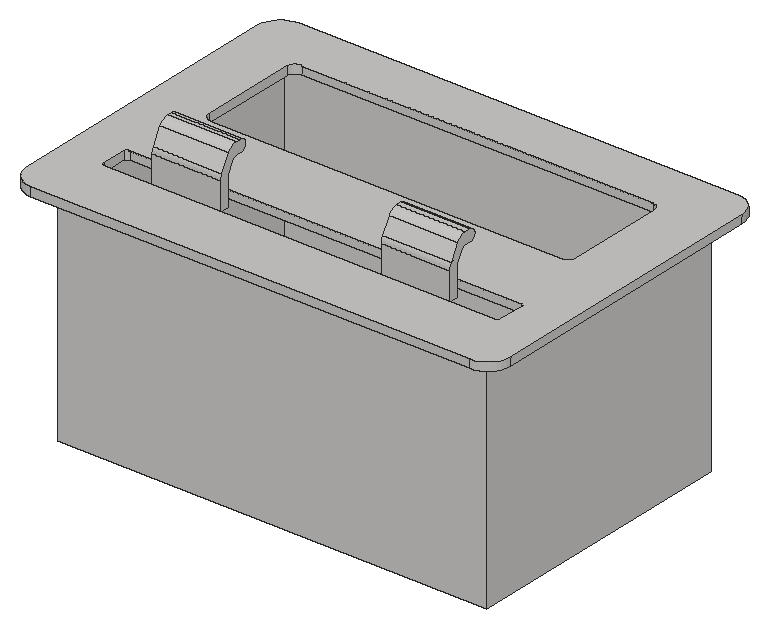
Revit family "QF_Vollrath_FMS-7", category Specialty Equipment, Revit 2016
Family settings
  Part Type = Normal
  Round Connector Dimension = Use Diameter
  OmniClass Number = 23.40.40.14.24
  OmniClass Title = Food Dispensing Equipment
  Work Plane-Based = Yes
  Always vertical = No
  Cut with Voids When Loaded = Yes
  Shared = No
  Room Calculation Point = No
Parameters
  Width = 10.56"
  Weight in Pounds = 0
  Watermarked By = ""
  URL Cutsheet = ""
  URL = "www.vollrath.com"
  Specification by User [instance] = ""
  Specification by Manufacturer [instance] = ""
  Serial Number [instance] = ""
  Revision Code [instance] = ""
  NAFEM Spec ID Number [instance] = ""
  Model = "FMS-7"
  Material = QF_Stainless-Polished
  Masterspec [instance] = ""
  Manufacturer = "Vollrath"
  Item Number [instance] = "-"
  Installed By [instance] = ""
  Height = 7.50"
  Furnished By [instance] = ""
  Foodservice Equipment Identifier = yes
  Description = "Straw Dispenser"
  Depth = 7.31"
  Default Elevation = 48.00"
  CSI MasterFormat = ""
Reference planes (in)
  plane 1 "BACK": y = 0
  plane 2 "BOTTOM": z = 0
  plane 3 "LEFT": x = -16.56573
  plane 4 "RIGHT": x = -6.00573
  plane 5 "CENTER L/R": x = -11.28573
  plane 6 "FRONT": y = -7.31
  plane 7: y = -3.655
  plane 8 "Inner Left": x = -15.78573
  plane 9 "Inner Right": x = -6.78573
  plane 10 "TOP": z = 0.18
  plane 11 "Bottom of Holders": z = -5
  plane 12: z = -3
  plane 13: y = -0.78
  plane 14: y = -6.53
  plane 15: x = -14.70573
  plane 16: x = -13.20573
  plane 17: x = -9.70573
  plane 18: x = -8.20573
Forms (in)
  Extrusion 1, void
    sketch origin (0, 0, -5) x (0, 1, 0) y (-1, 0, 0)
      loop
        arc (0, 16.06573) -> (-0.14645, 16.41928) -> (-0.5, 16.56573) r 0.5
        line (-0.5, 16.56573) -> (-6.81, 16.56573)
        arc (-6.81, 16.56573) -> (-7.16355, 16.41928) -> (-7.31, 16.06573) r 0.5
        line (-7.31, 16.06573) -> (-7.31, 6.50573)
        arc (-7.31, 6.50573) -> (-7.16355, 6.15217) -> (-6.81, 6.00573) r 0.5
        line (-6.81, 6.00573) -> (-0.5, 6.00573)
        arc (-0.5, 6.00573) -> (-0.14645, 6.15217) -> (0, 6.50573) r 0.5
        line (0, 6.50573) -> (0, 16.06573)
    from 0 to 5.18
  Extrusion 2, solid, material "QF_Stainless-Polished" <- "Material"
    sketch origin (0, 0, 0) x (1, 0, 0) y (0, 1, 0)
      loop
        arc (-16.06573, 0) -> (-16.41928, -0.14645) -> (-16.56573, -0.5) r 0.5
        line (-16.56573, -0.5) -> (-16.56573, -6.81)
        arc (-16.56573, -6.81) -> (-16.41928, -7.16355) -> (-16.06573, -7.31) r 0.5
        line (-16.06573, -7.31) -> (-6.50573, -7.31)
        arc (-6.50573, -7.31) -> (-6.15217, -7.16355) -> (-6.00573, -6.81) r 0.5
        line (-6.00573, -6.81) -> (-6.00573, -0.5)
        arc (-6.00573, -0.5) -> (-6.15217, -0.14645) -> (-6.50573, 0) r 0.5
        line (-6.50573, 0) -> (-16.06573, 0)
      loop
        arc (-15.10573, -1.12) -> (-15.24008, -1.17565) -> (-15.29573, -1.31) r 0.19
        line (-15.29573, -1.31) -> (-15.29573, -3.43)
        arc (-15.29573, -3.43) -> (-15.24008, -3.56435) -> (-15.10573, -3.62) r 0.19
        line (-15.10573, -3.62) -> (-7.46573, -3.62)
        arc (-7.46573, -3.62) -> (-7.33138, -3.56435) -> (-7.27573, -3.43) r 0.19
        line (-7.27573, -3.43) -> (-7.27573, -1.31)
        arc (-7.27573, -1.31) -> (-7.33138, -1.17565) -> (-7.46573, -1.12) r 0.19
        line (-7.46573, -1.12) -> (-15.10573, -1.12)
      loop
        arc (-7.01573, -5.96) -> (-6.96623, -5.9395) -> (-6.94573, -5.89) r 0.07
        line (-6.94573, -5.89) -> (-6.94573, -5.34)
        arc (-6.94573, -5.34) -> (-6.96623, -5.2905) -> (-7.01573, -5.27) r 0.07
        line (-7.01573, -5.27) -> (-15.55573, -5.27)
        arc (-15.55573, -5.27) -> (-15.60522, -5.2905) -> (-15.62573, -5.34) r 0.07
        line (-15.62573, -5.34) -> (-15.62573, -5.89)
        arc (-15.62573, -5.89) -> (-15.60522, -5.9395) -> (-15.55573, -5.96) r 0.07
        line (-15.55573, -5.96) -> (-7.01573, -5.96)
    from 0 to 0.18
  Extrusion 3, solid, material "QF_Stainless-Polished" <- "Material"
    sketch origin (0, 0, -5) x (0, 1, 0) y (-1, 0, 0)
      loop
        line (-0.78, 15.78573) -> (-6.53, 15.78573) -> (-6.53, 6.78573) -> (-0.78, 6.78573) -> (-0.78, 15.78573)
      loop
        line (-6.71, 15.96573) -> (-6.71, 6.60573) -> (-0.6, 6.60573) -> (-0.6, 15.96573) -> (-6.71, 15.96573)
    from 0 to 5
  Extrusion 4, solid, material "QF_Stainless-Polished" <- "Material"
    sketch origin (0, 0, -5) x (0, 1, 0) y (-1, 0, 0)
      loop
        line (-0.78, 15.78573) -> (-6.53, 15.78573) -> (-6.53, 6.78573) -> (-0.78, 6.78573) -> (-0.78, 15.78573)
    from 0 to 0.18
  Extrusion 5, solid, material "QF_Stainless-Polished" <- "Material"
    sketch origin (-15.78573, 0, 0) x (0, 1, 0) y (0, 0, 1)
      loop
        line (-5.71, 0) -> (-5.53, 0) -> (-5.53, 0.61301)
        arc (-5.53, 0.61301) -> (-5.52761, 0.63113) -> (-5.52062, 0.64801) r 0.07
        line (-5.52062, 0.64801) -> (-5.37802, 0.895)
        arc (-5.37802, 0.895) -> (-5.3524, 0.92062) -> (-5.3174, 0.93) r 0.07
        line (-5.3174, 0.93) -> (-5.17132, 0.93)
        arc (-5.17132, 0.93) -> (-5.04632, 1.055) -> (-5.17132, 1.18) r 0.125
        line (-5.17132, 1.18) -> (-5.27699, 1.18)
        arc (-5.27699, 1.18) -> (-5.40199, 1.14651) -> (-5.49349, 1.055) r 0.25
        line (-5.49349, 1.055) -> (-5.67651, 0.73801)
        arc (-5.67651, 0.73801) -> (-5.70148, 0.67772) -> (-5.71, 0.61301) r 0.25
        line (-5.71, 0.61301) -> (-5.71, 0)
    from 1.08 to 2.58
  Extrusion 6, solid, material "QF_Stainless-Polished" <- "Material"
    sketch origin (-10.78573, 0, 0) x (0, 1, 0) y (0, 0, 1)
      loop
        line (-5.71, 0) -> (-5.53, 0) -> (-5.53, 0.61301)
        arc (-5.53, 0.61301) -> (-5.52761, 0.63113) -> (-5.52062, 0.64801) r 0.07
        line (-5.52062, 0.64801) -> (-5.37802, 0.895)
        arc (-5.37802, 0.895) -> (-5.3524, 0.92062) -> (-5.3174, 0.93) r 0.07
        line (-5.3174, 0.93) -> (-5.17132, 0.93)
        arc (-5.17132, 0.93) -> (-5.04632, 1.055) -> (-5.17132, 1.18) r 0.125
        line (-5.17132, 1.18) -> (-5.27699, 1.18)
        arc (-5.27699, 1.18) -> (-5.40199, 1.14651) -> (-5.49349, 1.055) r 0.25
        line (-5.49349, 1.055) -> (-5.67651, 0.73801)
        arc (-5.67651, 0.73801) -> (-5.70148, 0.67772) -> (-5.71, 0.61301) r 0.25
        line (-5.71, 0.61301) -> (-5.71, 0)
    from 1.08 to 2.58
Cuts and joins
  joined: Extrusion 3, Extrusion 4
Lines and regions (in)
  symbolic lines
    curve 1: line (-16.06573, 0, 0) -> (-6.50573, 0, 0)
    curve 2: line (-16.56573, -6.81, 0) -> (-16.56573, -0.5, 0)
    curve 3: line (-6.50573, -7.31, 0) -> (-16.06573, -7.31, 0)
    curve 4: line (-6.00573, -0.5, 0) -> (-6.00573, -6.81, 0)
    curve 5: arc (-6.50573, -7.31, 0) -> (-6.15217, -7.16355, 0) -> (-6.00573, -6.81, 0) r 0.5
    curve 6: arc (-6.00573, -0.5, 0) -> (-6.15217, -0.14645, 0) -> (-6.50573, 0, 0) r 0.5
    curve 7: arc (-16.06573, 0, 0) -> (-16.41928, -0.14645, 0) -> (-16.56573, -0.5, 0) r 0.5
    curve 8: arc (-16.56573, -6.81, 0) -> (-16.41928, -7.16355, 0) -> (-16.06573, -7.31, 0) r 0.5
    curve 9: arc (-15.29573, -1.31, -5) -> (-15.24008, -1.17565, -5) -> (-15.10573, -1.12, -5) r 0.19
    curve 10: line (-15.10573, -1.12, -5) -> (-7.46573, -1.12, -5)
    curve 11: line (-15.29573, -3.43, -5) -> (-15.29573, -1.31, -5)
    curve 12: arc (-15.10573, -3.62, -5) -> (-15.24008, -3.56435, -5) -> (-15.29573, -3.43, -5) r 0.19
    curve 13: line (-7.46573, -3.62, -5) -> (-15.10573, -3.62, -5)
    curve 14: arc (-7.27573, -3.43, -5) -> (-7.33138, -3.56435, -5) -> (-7.46573, -3.62, -5) r 0.19
    curve 15: line (-7.27573, -1.31, -5) -> (-7.27573, -3.43, -5)
    curve 16: arc (-7.46573, -1.12, -5) -> (-7.33138, -1.17565, -5) -> (-7.27573, -1.31, -5) r 0.19
    curve 17: line (-6.94573, -5.34, -5) -> (-6.94573, -5.89, -5)
    curve 18: line (-15.55573, -5.27, -5) -> (-7.01573, -5.27, -5)
    curve 19: arc (-7.01573, -5.27, -5) -> (-6.96623, -5.2905, -5) -> (-6.94573, -5.34, -5) r 0.07
    curve 20: arc (-6.94573, -5.89, -5) -> (-6.96623, -5.9395, -5) -> (-7.01573, -5.96, -5) r 0.07
    curve 21: line (-7.01573, -5.96, -5) -> (-15.55573, -5.96, -5)
    curve 22: arc (-15.55573, -5.96, -5) -> (-15.60522, -5.9395, -5) -> (-15.62573, -5.89, -5) r 0.07
    curve 23: line (-15.62573, -5.89, -5) -> (-15.62573, -5.34, -5)
    curve 24: arc (-15.62573, -5.34, -5) -> (-15.60522, -5.2905, -5) -> (-15.55573, -5.27, -5) r 0.07
Dimensions and locks (in)
  "Width": plane 3 "LEFT" to plane 4 "RIGHT"
  equal spacing: plane 3 "LEFT", plane 5 "CENTER L/R", plane 4 "RIGHT"
  "Depth": plane 1 "BACK" to plane 6 "FRONT"
  locked: plane 3 "LEFT" to plane 8 "Inner Left" at 0.78
  locked: plane 9 "Inner Right" to plane 4 "RIGHT" at 0.78
  locked: plane 10 "TOP" to level at 0.18
  level to plane 11 "Bottom of Holders" = 5.00"
  equal spacing: plane 1 "BACK", plane 7, plane 6 "FRONT"
  level to plane 12 = 3.00"
  locked: plane 13 to plane 1 "BACK" at 0.78
  locked: plane 14 to plane 6 "FRONT" at 0.78
  plane 8 "Inner Left" to plane 15 = 1.08"
  plane 17 to plane 18 = 1.50"
  aligned and locked: level to plane 2 "BOTTOM"
  aligned and locked: Extrusion 1 sketch curve to plane 4 "RIGHT"
  aligned and locked: plane 1 "BACK" to Extrusion 2 sketch curve
  aligned and locked: plane 3 "LEFT" to Extrusion 2 sketch curve
  aligned and locked: plane 6 "FRONT" to Extrusion 2 sketch curve
  aligned and locked: Extrusion 2 sketch curve to plane 4 "RIGHT"
  aligned and locked: plane 10 "TOP" to Extrusion 2
  aligned and locked: curve 4 to plane 4 "RIGHT"
  aligned and locked: plane 10 "TOP" to Extrusion 1
  aligned and locked: plane 13 to Extrusion 3 sketch curve
  aligned and locked: plane 8 "Inner Left" to Extrusion 3 sketch curve
  aligned and locked: plane 14 to Extrusion 3 sketch curve
  aligned and locked: level to Extrusion 3
  aligned and locked: Extrusion 4 sketch curve to Extrusion 3  (x2)
  aligned and locked: plane 14 to Extrusion 4 sketch curve
  aligned and locked: Extrusion 4 sketch curve to plane 9 "Inner Right"
Automatic sketch dimensions
  curve 8 to plane 3 "LEFT" = 0.00"
  curve 3 to plane 6 "FRONT" = 0.00"
  plane 1 "BACK" to curve 1 = 0.00"
  curve 3 to plane 8 "Inner Left" = 0.28"
  curve 1 to plane 8 "Inner Left" = 0.28"
  plane 9 "Inner Right" to curve 6 = 0.28"
  plane 9 "Inner Right" to curve 3 = 0.28"
  Extrusion 1 sketch curve to plane 6 "FRONT" = 0.00"
  Extrusion 1 sketch curve to plane 3 "LEFT" = 0.00"
  plane 1 "BACK" to Extrusion 1 sketch curve = 0.00"
  Extrusion 1 sketch curve to plane 14 = 0.28"  (x2)
  Extrusion 1 sketch curve to plane 8 "Inner Left" = 0.28"
  plane 9 "Inner Right" to Extrusion 1 sketch curve = 0.28"
  Extrusion 2 sketch curve to plane 8 "Inner Left" = 0.28"  (x2)
  plane 8 "Inner Left" to Extrusion 2 sketch curve = 0.16"
  Extrusion 2 sketch curve to Extrusion 2 sketch curve = 0.07"  (x3)
  plane 7 to Extrusion 2 sketch curve = 0.225"
  plane 8 "Inner Left" to Extrusion 2 sketch curve = 0.49"
  Extrusion 2 sketch curve to Extrusion 2 sketch curve = 0.19"  (x3)
  Extrusion 2 sketch curve to plane 9 "Inner Right" = 0.68"  (x2)
  Extrusion 2 sketch curve to plane 9 "Inner Right" = 0.23"  (x2)
  plane 9 "Inner Right" to Extrusion 2 sketch curve = 0.28"  (x2)
  plane 14 to Extrusion 2 sketch curve = 0.57"
  Extrusion 2 sketch curve to Extrusion 2 sketch curve = 0.55"
  plane 13 to Extrusion 2 sketch curve = 0.53"
  Extrusion 3 sketch curve to plane 9 "Inner Right" = 0.00"
  Extrusion 3 sketch curve to plane 14 = 0.18"
  Extrusion 3 sketch curve to plane 13 = 0.18"
  plane 9 "Inner Right" to Extrusion 3 sketch curve = 0.18"
  Extrusion 3 sketch curve to plane 8 "Inner Left" = 0.18"
  plane 14 to curve 21 = 0.57"
  curve 20 to curve 20 = 0.07"
  curve 22 to curve 22 = 0.07"
  plane 8 "Inner Left" to curve 23 = 0.16"
  curve 22 to curve 23 = 0.55"
  curve 17 to plane 9 "Inner Right" = 0.16"
  curve 20 to curve 17 = 0.55"
  curve 24 to curve 18 = 0.07"
  plane 7 to curve 13 = 0.035"
  curve 12 to curve 12 = 0.19"
  curve 14 to curve 14 = 0.19"
  plane 13 to curve 16 = 0.53"
  plane 13 to curve 11 = 0.53"
  curve 9 to curve 10 = 0.19"
  curve 15 to plane 9 "Inner Right" = 0.49"
  curve 12 to plane 15 = 0.40"
  Extrusion 5 sketch curve to Extrusion 5 sketch curve = 0.00"  (x3)
  Extrusion 5 sketch curve to level = 0.00"
  plane 14 to Extrusion 5 sketch curve = 0.82"
  plane 10 "TOP" to Extrusion 5 sketch curve = 0.55801"
  Extrusion 5 sketch curve to Extrusion 5 sketch curve = 0.03349"
  Extrusion 5 sketch curve to Extrusion 5 sketch curve = 0.18"
  plane 10 "TOP" to Extrusion 5 sketch curve = 0.46801"
  Extrusion 5 sketch curve to Extrusion 5 sketch curve = 0.18301"
  Extrusion 5 sketch curve to Extrusion 5 sketch curve = 0.07"
  Extrusion 5 sketch curve to Extrusion 5 sketch curve = 0.11547"
  Extrusion 5 sketch curve to Extrusion 5 sketch curve = 0.06062"
  Extrusion 5 sketch curve to Extrusion 5 sketch curve = 0.21651"
  Extrusion 5 sketch curve to Extrusion 5 sketch curve = 0.10566"
  Extrusion 5 sketch curve to Extrusion 5 sketch curve = 0.24699"
  Extrusion 5 sketch curve to Extrusion 5 sketch curve = 0.035"
  Extrusion 5 sketch curve to Extrusion 5 sketch curve = 0.125"
  Extrusion 6 sketch curve to Extrusion 6 sketch curve = 0.00"  (x3)
  Extrusion 6 sketch curve to level = 0.00"
  plane 14 to Extrusion 6 sketch curve = 0.82"
  plane 10 "TOP" to Extrusion 6 sketch curve = 0.55801"
  Extrusion 6 sketch curve to Extrusion 6 sketch curve = 0.03349"
  Extrusion 6 sketch curve to Extrusion 6 sketch curve = 0.18"
  plane 10 "TOP" to Extrusion 6 sketch curve = 0.46801"
  Extrusion 6 sketch curve to Extrusion 6 sketch curve = 0.18301"
  Extrusion 6 sketch curve to Extrusion 6 sketch curve = 0.07"
  Extrusion 6 sketch curve to Extrusion 6 sketch curve = 0.11547"
  Extrusion 6 sketch curve to Extrusion 6 sketch curve = 0.06062"
  Extrusion 6 sketch curve to Extrusion 6 sketch curve = 0.21651"
  Extrusion 6 sketch curve to Extrusion 6 sketch curve = 0.10566"
  Extrusion 6 sketch curve to Extrusion 6 sketch curve = 0.24699"
  Extrusion 6 sketch curve to Extrusion 6 sketch curve = 0.035"
  Extrusion 6 sketch curve to Extrusion 6 sketch curve = 0.125"
